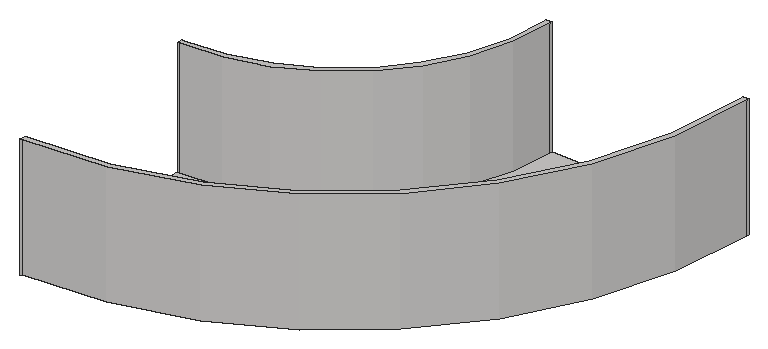
Revit family "S4R_OBO BETTERMANN_CableTray_Bend_Horizontal_RBM FT", category Cable Tray Fittings, Revit 2012
Parameters
  Wholesaler art.no. = ""
  Wholesaler = ""
  Watermarked By = "www.stabiplan.com"
  WIDTH2 [instance] = WIDTH1  # 100 mm
  WIDTH1 [instance] = 100 mm
  VERSION = "91900"  # constant formula
  URL = "www.stabiplan.com"
  built-in parameter 1140111 [instance] = 2.6 mm
  TYPE [instance] = "RBM FT"  # constant formula
  StabiCAD_PM = ""
  Safe_Half_Width2 [instance] = if(not([built-in parameter 1140115] > Half_Width2), [built-in parameter 1140115] - 0.2 mm, Half_Width2)  # 50 mm
  Safe_Half_Width1 [instance] = if(not([built-in parameter 1140115] > Half_Width1), [built-in parameter 1140115] - 0.2 mm, Half_Width1)  # 50 mm
  Manufacturer = "OBO BETTERMANN"  # constant formula
  Lmin [instance] = if(LENGTH1 > LENGTH2, LENGTH2, LENGTH1) - 1 mm  # 149 mm
  PRODUCTLINE [instance] = "OBO BETTERMANN CableTrays"  # constant formula
  LENGTH2 [instance] = if(and(WIDTH1 = 100 mm, HEIGHT1 = 60 mm, ANGLE2 = 45.00°), 140 mm, if(and(WIDTH1 = 150 mm, HEIGHT1 = 60 mm, ANGLE2 = 45.00°), 140 mm, if(and(WIDTH1 = 200 mm, HEIGHT1 = 60 mm, ANGLE2 = 45.00°), 140 mm, if(and(WIDTH1 = 300 mm, HEIGHT1 = 60 mm, ANGLE2 = 45.00°), 140 mm, if(and(WIDTH1 = 400 mm, HEIGHT1 = 60 mm, ANGLE2 = 45.00°), 140 mm, if(and(WIDTH1 = 500 mm, HEIGHT1 = 60 mm, ANGLE2 = 45.00°), 140 mm, if(and(WIDTH1 = 600 mm, HEIGHT1 = 60 mm, ANGLE2 = 45.00°), 140 mm, if(and(WIDTH1 = 100 mm, HEIGHT1 = 110 mm, ANGLE2 = 45.00°), 140 mm, if(and(WIDTH1 = 150 mm, HEIGHT1 = 110 mm, ANGLE2 = 45.00°), 140 mm, if(and(WIDTH1 = 200 mm, HEIGHT1 = 110 mm, ANGLE2 = 45.00°), 140 mm, if(and(WIDTH1 = 300 mm, HEIGHT1 = 110 mm, ANGLE2 = 45.00°), 140 mm, if(and(WIDTH1 = 400 mm, HEIGHT1 = 110 mm, ANGLE2 = 45.00°), 140 mm, if(and(WIDTH1 = 500 mm, HEIGHT1 = 110 mm, ANGLE2 = 45.00°), 140 mm, if(and(WIDTH1 = 600 mm, HEIGHT1 = 110 mm, ANGLE2 = 45.00°), 140 mm, if(and(WIDTH1 = 100 mm, HEIGHT1 = 60 mm, ANGLE2 = 90.00°), 150 mm, if(and(WIDTH1 = 150 mm, HEIGHT1 = 60 mm, ANGLE2 = 90.00°), 175 mm, if(and(WIDTH1 = 200 mm, HEIGHT1 = 60 mm, ANGLE2 = 90.00°), 200 mm, if(and(WIDTH1 = 300 mm, HEIGHT1 = 60 mm, ANGLE2 = 90.00°), 250 mm, if(and(WIDTH1 = 400 mm, HEIGHT1 = 60 mm, ANGLE2 = 90.00°), 300 mm, if(and(WIDTH1 = 500 mm, HEIGHT1 = 60 mm, ANGLE2 = 90.00°), 350 mm, if(and(WIDTH1 = 600 mm, HEIGHT1 = 60 mm, ANGLE2 = 90.00°), 400 mm, if(and(WIDTH1 = 100 mm, HEIGHT1 = 85 mm, ANGLE2 = 90.00°), 150 mm, if(and(WIDTH1 = 150 mm, HEIGHT1 = 85 mm, ANGLE2 = 90.00°), 175 mm, if(and(WIDTH1 = 200 mm, HEIGHT1 = 85 mm, ANGLE2 = 90.00°), 200 mm, if(and(WIDTH1 = 300 mm, HEIGHT1 = 85 mm, ANGLE2 = 90.00°), 250 mm, if(and(WIDTH1 = 400 mm, HEIGHT1 = 85 mm, ANGLE2 = 90.00°), 300 mm, if(and(WIDTH1 = 500 mm, HEIGHT1 = 85 mm, ANGLE2 = 90.00°), 350 mm, if(and(WIDTH1 = 600 mm, HEIGHT1 = 85 mm, ANGLE2 = 90.00°), 400 mm, if(and(WIDTH1 = 100 mm, HEIGHT1 = 110 mm, ANGLE2 = 90.00°), 150 mm, if(and(WIDTH1 = 150 mm, HEIGHT1 = 110 mm, ANGLE2 = 90.00°), 175 mm, if(and(WIDTH1 = 200 mm, HEIGHT1 = 110 mm, ANGLE2 = 90.00°), 200 mm, if(and(WIDTH1 = 300 mm, HEIGHT1 = 110 mm, ANGLE2 = 90.00°), 250 mm, if(and(WIDTH1 = 400 mm, HEIGHT1 = 110 mm, ANGLE2 = 90.00°), 300 mm, if(and(WIDTH1 = 500 mm, HEIGHT1 = 110 mm, ANGLE2 = 90.00°), 350 mm, if(and(WIDTH1 = 600 mm, HEIGHT1 = 110 mm, ANGLE2 = 90.00°), 400 mm, if(and(WIDTH1 = 100 mm, HEIGHT1 = 85 mm, ANGLE2 = 45.00°), 140 mm, if(and(WIDTH1 = 150 mm, HEIGHT1 = 85 mm, ANGLE2 = 45.00°), 140 mm, if(and(WIDTH1 = 200 mm, HEIGHT1 = 85 mm, ANGLE2 = 45.00°), 140 mm, if(and(WIDTH1 = 300 mm, HEIGHT1 = 85 mm, ANGLE2 = 45.00°), 140 mm, if(and(WIDTH1 = 400 mm, HEIGHT1 = 85 mm, ANGLE2 = 45.00°), 140 mm, if(and(WIDTH1 = 500 mm, HEIGHT1 = 85 mm, ANGLE2 = 45.00°), 140 mm, if(and(WIDTH1 = 600 mm, HEIGHT1 = 85 mm, ANGLE2 = 45.00°), 140 mm, WIDTH1 * 2))))))))))))))))))))))))))))))))))))))))))  # 150 mm
  LENGTH1 [instance] = if(and(WIDTH1 = 100 mm, HEIGHT1 = 60 mm, ANGLE2 = 45.00°), 140 mm, if(and(WIDTH1 = 150 mm, HEIGHT1 = 60 mm, ANGLE2 = 45.00°), 140 mm, if(and(WIDTH1 = 200 mm, HEIGHT1 = 60 mm, ANGLE2 = 45.00°), 140 mm, if(and(WIDTH1 = 300 mm, HEIGHT1 = 60 mm, ANGLE2 = 45.00°), 140 mm, if(and(WIDTH1 = 400 mm, HEIGHT1 = 60 mm, ANGLE2 = 45.00°), 140 mm, if(and(WIDTH1 = 500 mm, HEIGHT1 = 60 mm, ANGLE2 = 45.00°), 140 mm, if(and(WIDTH1 = 600 mm, HEIGHT1 = 60 mm, ANGLE2 = 45.00°), 140 mm, if(and(WIDTH1 = 100 mm, HEIGHT1 = 110 mm, ANGLE2 = 45.00°), 140 mm, if(and(WIDTH1 = 150 mm, HEIGHT1 = 110 mm, ANGLE2 = 45.00°), 140 mm, if(and(WIDTH1 = 200 mm, HEIGHT1 = 110 mm, ANGLE2 = 45.00°), 140 mm, if(and(WIDTH1 = 300 mm, HEIGHT1 = 110 mm, ANGLE2 = 45.00°), 140 mm, if(and(WIDTH1 = 400 mm, HEIGHT1 = 110 mm, ANGLE2 = 45.00°), 140 mm, if(and(WIDTH1 = 500 mm, HEIGHT1 = 110 mm, ANGLE2 = 45.00°), 140 mm, if(and(WIDTH1 = 600 mm, HEIGHT1 = 110 mm, ANGLE2 = 45.00°), 140 mm, if(and(WIDTH1 = 100 mm, HEIGHT1 = 60 mm, ANGLE2 = 90.00°), 150 mm, if(and(WIDTH1 = 150 mm, HEIGHT1 = 60 mm, ANGLE2 = 90.00°), 175 mm, if(and(WIDTH1 = 200 mm, HEIGHT1 = 60 mm, ANGLE2 = 90.00°), 200 mm, if(and(WIDTH1 = 300 mm, HEIGHT1 = 60 mm, ANGLE2 = 90.00°), 250 mm, if(and(WIDTH1 = 400 mm, HEIGHT1 = 60 mm, ANGLE2 = 90.00°), 300 mm, if(and(WIDTH1 = 500 mm, HEIGHT1 = 60 mm, ANGLE2 = 90.00°), 350 mm, if(and(WIDTH1 = 600 mm, HEIGHT1 = 60 mm, ANGLE2 = 90.00°), 400 mm, if(and(WIDTH1 = 100 mm, HEIGHT1 = 85 mm, ANGLE2 = 90.00°), 150 mm, if(and(WIDTH1 = 150 mm, HEIGHT1 = 85 mm, ANGLE2 = 90.00°), 175 mm, if(and(WIDTH1 = 200 mm, HEIGHT1 = 85 mm, ANGLE2 = 90.00°), 200 mm, if(and(WIDTH1 = 300 mm, HEIGHT1 = 85 mm, ANGLE2 = 90.00°), 250 mm, if(and(WIDTH1 = 400 mm, HEIGHT1 = 85 mm, ANGLE2 = 90.00°), 300 mm, if(and(WIDTH1 = 500 mm, HEIGHT1 = 85 mm, ANGLE2 = 90.00°), 350 mm, if(and(WIDTH1 = 600 mm, HEIGHT1 = 85 mm, ANGLE2 = 90.00°), 400 mm, if(and(WIDTH1 = 100 mm, HEIGHT1 = 110 mm, ANGLE2 = 90.00°), 150 mm, if(and(WIDTH1 = 150 mm, HEIGHT1 = 110 mm, ANGLE2 = 90.00°), 175 mm, if(and(WIDTH1 = 200 mm, HEIGHT1 = 110 mm, ANGLE2 = 90.00°), 200 mm, if(and(WIDTH1 = 300 mm, HEIGHT1 = 110 mm, ANGLE2 = 90.00°), 250 mm, if(and(WIDTH1 = 400 mm, HEIGHT1 = 110 mm, ANGLE2 = 90.00°), 300 mm, if(and(WIDTH1 = 500 mm, HEIGHT1 = 110 mm, ANGLE2 = 90.00°), 350 mm, if(and(WIDTH1 = 600 mm, HEIGHT1 = 110 mm, ANGLE2 = 90.00°), 400 mm, if(and(WIDTH1 = 100 mm, HEIGHT1 = 85 mm, ANGLE2 = 45.00°), 140 mm, if(and(WIDTH1 = 150 mm, HEIGHT1 = 85 mm, ANGLE2 = 45.00°), 140 mm, if(and(WIDTH1 = 200 mm, HEIGHT1 = 85 mm, ANGLE2 = 45.00°), 140 mm, if(and(WIDTH1 = 300 mm, HEIGHT1 = 85 mm, ANGLE2 = 45.00°), 140 mm, if(and(WIDTH1 = 400 mm, HEIGHT1 = 85 mm, ANGLE2 = 45.00°), 140 mm, if(and(WIDTH1 = 500 mm, HEIGHT1 = 85 mm, ANGLE2 = 45.00°), 140 mm, if(and(WIDTH1 = 600 mm, HEIGHT1 = 85 mm, ANGLE2 = 45.00°), 140 mm, WIDTH1 * 2))))))))))))))))))))))))))))))))))))))))))  # 150 mm
  L2_Tail [instance] = LENGTH2 - Lmin  # 1 mm
  L1_Tail [instance] = LENGTH1 - Lmin  # 1 mm
  Internal art.no. = ""
  ISCUSTOM [instance] = if(and(WIDTH1 = 100 mm, HEIGHT1 = 60 mm, ANGLE2 = 45.00°), 1 = 0, if(and(WIDTH1 = 150 mm, HEIGHT1 = 60 mm, ANGLE2 = 45.00°), 1 = 0, if(and(WIDTH1 = 200 mm, HEIGHT1 = 60 mm, ANGLE2 = 45.00°), 1 = 0, if(and(WIDTH1 = 300 mm, HEIGHT1 = 60 mm, ANGLE2 = 45.00°), 1 = 0, if(and(WIDTH1 = 400 mm, HEIGHT1 = 60 mm, ANGLE2 = 45.00°), 1 = 0, if(and(WIDTH1 = 500 mm, HEIGHT1 = 60 mm, ANGLE2 = 45.00°), 1 = 0, if(and(WIDTH1 = 600 mm, HEIGHT1 = 60 mm, ANGLE2 = 45.00°), 1 = 0, if(and(WIDTH1 = 100 mm, HEIGHT1 = 110 mm, ANGLE2 = 45.00°), 1 = 0, if(and(WIDTH1 = 150 mm, HEIGHT1 = 110 mm, ANGLE2 = 45.00°), 1 = 0, if(and(WIDTH1 = 200 mm, HEIGHT1 = 110 mm, ANGLE2 = 45.00°), 1 = 0, if(and(WIDTH1 = 300 mm, HEIGHT1 = 110 mm, ANGLE2 = 45.00°), 1 = 0, if(and(WIDTH1 = 400 mm, HEIGHT1 = 110 mm, ANGLE2 = 45.00°), 1 = 0, if(and(WIDTH1 = 500 mm, HEIGHT1 = 110 mm, ANGLE2 = 45.00°), 1 = 0, if(and(WIDTH1 = 600 mm, HEIGHT1 = 110 mm, ANGLE2 = 45.00°), 1 = 0, if(and(WIDTH1 = 100 mm, HEIGHT1 = 60 mm, ANGLE2 = 90.00°), 1 = 0, if(and(WIDTH1 = 150 mm, HEIGHT1 = 60 mm, ANGLE2 = 90.00°), 1 = 0, if(and(WIDTH1 = 200 mm, HEIGHT1 = 60 mm, ANGLE2 = 90.00°), 1 = 0, if(and(WIDTH1 = 300 mm, HEIGHT1 = 60 mm, ANGLE2 = 90.00°), 1 = 0, if(and(WIDTH1 = 400 mm, HEIGHT1 = 60 mm, ANGLE2 = 90.00°), 1 = 0, if(and(WIDTH1 = 500 mm, HEIGHT1 = 60 mm, ANGLE2 = 90.00°), 1 = 0, if(and(WIDTH1 = 600 mm, HEIGHT1 = 60 mm, ANGLE2 = 90.00°), 1 = 0, if(and(WIDTH1 = 100 mm, HEIGHT1 = 85 mm, ANGLE2 = 90.00°), 1 = 0, if(and(WIDTH1 = 150 mm, HEIGHT1 = 85 mm, ANGLE2 = 90.00°), 1 = 0, if(and(WIDTH1 = 200 mm, HEIGHT1 = 85 mm, ANGLE2 = 90.00°), 1 = 0, if(and(WIDTH1 = 300 mm, HEIGHT1 = 85 mm, ANGLE2 = 90.00°), 1 = 0, if(and(WIDTH1 = 400 mm, HEIGHT1 = 85 mm, ANGLE2 = 90.00°), 1 = 0, if(and(WIDTH1 = 500 mm, HEIGHT1 = 85 mm, ANGLE2 = 90.00°), 1 = 0, if(and(WIDTH1 = 600 mm, HEIGHT1 = 85 mm, ANGLE2 = 90.00°), 1 = 0, if(and(WIDTH1 = 100 mm, HEIGHT1 = 110 mm, ANGLE2 = 90.00°), 1 = 0, if(and(WIDTH1 = 150 mm, HEIGHT1 = 110 mm, ANGLE2 = 90.00°), 1 = 0, if(and(WIDTH1 = 200 mm, HEIGHT1 = 110 mm, ANGLE2 = 90.00°), 1 = 0, if(and(WIDTH1 = 300 mm, HEIGHT1 = 110 mm, ANGLE2 = 90.00°), 1 = 0, if(and(WIDTH1 = 400 mm, HEIGHT1 = 110 mm, ANGLE2 = 90.00°), 1 = 0, if(and(WIDTH1 = 500 mm, HEIGHT1 = 110 mm, ANGLE2 = 90.00°), 1 = 0, if(and(WIDTH1 = 600 mm, HEIGHT1 = 110 mm, ANGLE2 = 90.00°), 1 = 0, if(and(WIDTH1 = 100 mm, HEIGHT1 = 85 mm, ANGLE2 = 45.00°), 1 = 0, if(and(WIDTH1 = 150 mm, HEIGHT1 = 85 mm, ANGLE2 = 45.00°), 1 = 0, if(and(WIDTH1 = 200 mm, HEIGHT1 = 85 mm, ANGLE2 = 45.00°), 1 = 0, if(and(WIDTH1 = 300 mm, HEIGHT1 = 85 mm, ANGLE2 = 45.00°), 1 = 0, if(and(WIDTH1 = 400 mm, HEIGHT1 = 85 mm, ANGLE2 = 45.00°), 1 = 0, if(and(WIDTH1 = 500 mm, HEIGHT1 = 85 mm, ANGLE2 = 45.00°), 1 = 0, if(and(WIDTH1 = 600 mm, HEIGHT1 = 85 mm, ANGLE2 = 45.00°), 1 = 0, 1 = 1))))))))))))))))))))))))))))))))))))))))))  # no
  IFCExportType = ""
  IFCExportAs = ""
  Half_Width2 [instance] = WIDTH2 / 2  # 50 mm
  Half_Width1 [instance] = WIDTH1 / 2  # 50 mm
  HEIGHT2 [instance] = HEIGHT1  # 60 mm
  HEIGHT1 [instance] = 60 mm
  GTINNUMBER [instance] = if(and(WIDTH1 = 100 mm, HEIGHT1 = 60 mm, ANGLE2 = 45.00°), "4012195881605", if(and(WIDTH1 = 150 mm, HEIGHT1 = 60 mm, ANGLE2 = 45.00°), "4012195881612", if(and(WIDTH1 = 200 mm, HEIGHT1 = 60 mm, ANGLE2 = 45.00°), "4012195881629", if(and(WIDTH1 = 300 mm, HEIGHT1 = 60 mm, ANGLE2 = 45.00°), "4012195881636", if(and(WIDTH1 = 400 mm, HEIGHT1 = 60 mm, ANGLE2 = 45.00°), "4012195881643", if(and(WIDTH1 = 500 mm, HEIGHT1 = 60 mm, ANGLE2 = 45.00°), "4012195881650", if(and(WIDTH1 = 600 mm, HEIGHT1 = 60 mm, ANGLE2 = 45.00°), "4012195881667", if(and(WIDTH1 = 100 mm, HEIGHT1 = 110 mm, ANGLE2 = 45.00°), "4012195880264", if(and(WIDTH1 = 150 mm, HEIGHT1 = 110 mm, ANGLE2 = 45.00°), "4012195895978", if(and(WIDTH1 = 200 mm, HEIGHT1 = 110 mm, ANGLE2 = 45.00°), "4012195880295", if(and(WIDTH1 = 300 mm, HEIGHT1 = 110 mm, ANGLE2 = 45.00°), "4012195880301", if(and(WIDTH1 = 400 mm, HEIGHT1 = 110 mm, ANGLE2 = 45.00°), "4012195880318", if(and(WIDTH1 = 500 mm, HEIGHT1 = 110 mm, ANGLE2 = 45.00°), "4012195880325", if(and(WIDTH1 = 600 mm, HEIGHT1 = 110 mm, ANGLE2 = 45.00°), "4012195880356", if(and(WIDTH1 = 100 mm, HEIGHT1 = 60 mm, ANGLE2 = 90.00°), "4012195881889", if(and(WIDTH1 = 150 mm, HEIGHT1 = 60 mm, ANGLE2 = 90.00°), "4012195881896", if(and(WIDTH1 = 200 mm, HEIGHT1 = 60 mm, ANGLE2 = 90.00°), "4012195881902", if(and(WIDTH1 = 300 mm, HEIGHT1 = 60 mm, ANGLE2 = 90.00°), "4012195881919", if(and(WIDTH1 = 400 mm, HEIGHT1 = 60 mm, ANGLE2 = 90.00°), "4012195881926", if(and(WIDTH1 = 500 mm, HEIGHT1 = 60 mm, ANGLE2 = 90.00°), "4012195881933", if(and(WIDTH1 = 600 mm, HEIGHT1 = 60 mm, ANGLE2 = 90.00°), "4012195881940", if(and(WIDTH1 = 100 mm, HEIGHT1 = 85 mm, ANGLE2 = 90.00°), "4012195879978", if(and(WIDTH1 = 150 mm, HEIGHT1 = 85 mm, ANGLE2 = 90.00°), "4012195895831", if(and(WIDTH1 = 200 mm, HEIGHT1 = 85 mm, ANGLE2 = 90.00°), "4012195879985", if(and(WIDTH1 = 300 mm, HEIGHT1 = 85 mm, ANGLE2 = 90.00°), "4012195879992", if(and(WIDTH1 = 400 mm, HEIGHT1 = 85 mm, ANGLE2 = 90.00°), "4012195880004", if(and(WIDTH1 = 500 mm, HEIGHT1 = 85 mm, ANGLE2 = 90.00°), "4012195880011", if(and(WIDTH1 = 600 mm, HEIGHT1 = 85 mm, ANGLE2 = 90.00°), "4012195880028", if(and(WIDTH1 = 100 mm, HEIGHT1 = 110 mm, ANGLE2 = 90.00°), "4012195880608", if(and(WIDTH1 = 150 mm, HEIGHT1 = 110 mm, ANGLE2 = 90.00°), "4012195896036", if(and(WIDTH1 = 200 mm, HEIGHT1 = 110 mm, ANGLE2 = 90.00°), "4012195880738", if(and(WIDTH1 = 300 mm, HEIGHT1 = 110 mm, ANGLE2 = 90.00°), "4012195880745", if(and(WIDTH1 = 400 mm, HEIGHT1 = 110 mm, ANGLE2 = 90.00°), "4012195880752", if(and(WIDTH1 = 500 mm, HEIGHT1 = 110 mm, ANGLE2 = 90.00°), "4012195880769", if(and(WIDTH1 = 600 mm, HEIGHT1 = 110 mm, ANGLE2 = 90.00°), "4012195880776", if(and(WIDTH1 = 100 mm, HEIGHT1 = 85 mm, ANGLE2 = 45.00°), "4012195879657", if(and(WIDTH1 = 150 mm, HEIGHT1 = 85 mm, ANGLE2 = 45.00°), "4012195895770", if(and(WIDTH1 = 200 mm, HEIGHT1 = 85 mm, ANGLE2 = 45.00°), "4012195879664", if(and(WIDTH1 = 300 mm, HEIGHT1 = 85 mm, ANGLE2 = 45.00°), "4012195879701", if(and(WIDTH1 = 400 mm, HEIGHT1 = 85 mm, ANGLE2 = 45.00°), "4012195879718", if(and(WIDTH1 = 500 mm, HEIGHT1 = 85 mm, ANGLE2 = 45.00°), "4012195879725", if(and(WIDTH1 = 600 mm, HEIGHT1 = 85 mm, ANGLE2 = 45.00°), "4012195879756", "Unknown"))))))))))))))))))))))))))))))))))))))))))  # "4012195881889"
  ETIM article class = ""
  Description = "Horizontal CableTray Bend"
  DEEPLINK = "http://catalog1.obo-bettermann.com/catalogue/catalogue.do?forward=showProductGroup&act=showIO&favOid=kts_399323&action=showManyProducts&lang=de&OID=kts_399323&catId="
  Copyright = "© Stabiplan BV / Stabiplan International BV"  # constant formula
  CT2 [instance] = 1
  CT1 [instance] = 1
  BodyColor = Steel
  built-in parameter 1140115 [instance] = Lmin / tan(ANGLE2 / 2)  # 149 mm
  ARTICLENUMBER [instance] = if(and(WIDTH1 = 100 mm, HEIGHT1 = 60 mm, ANGLE2 = 45.00°), "6041060", if(and(WIDTH1 = 150 mm, HEIGHT1 = 60 mm, ANGLE2 = 45.00°), "6041062", if(and(WIDTH1 = 200 mm, HEIGHT1 = 60 mm, ANGLE2 = 45.00°), "6041064", if(and(WIDTH1 = 300 mm, HEIGHT1 = 60 mm, ANGLE2 = 45.00°), "6041066", if(and(WIDTH1 = 400 mm, HEIGHT1 = 60 mm, ANGLE2 = 45.00°), "6041068", if(and(WIDTH1 = 500 mm, HEIGHT1 = 60 mm, ANGLE2 = 45.00°), "6041070", if(and(WIDTH1 = 600 mm, HEIGHT1 = 60 mm, ANGLE2 = 45.00°), "6041072", if(and(WIDTH1 = 100 mm, HEIGHT1 = 110 mm, ANGLE2 = 45.00°), "6041780", if(and(WIDTH1 = 150 mm, HEIGHT1 = 110 mm, ANGLE2 = 45.00°), "6041781", if(and(WIDTH1 = 200 mm, HEIGHT1 = 110 mm, ANGLE2 = 45.00°), "6041782", if(and(WIDTH1 = 300 mm, HEIGHT1 = 110 mm, ANGLE2 = 45.00°), "6041784", if(and(WIDTH1 = 400 mm, HEIGHT1 = 110 mm, ANGLE2 = 45.00°), "6041786", if(and(WIDTH1 = 500 mm, HEIGHT1 = 110 mm, ANGLE2 = 45.00°), "6041788", if(and(WIDTH1 = 600 mm, HEIGHT1 = 110 mm, ANGLE2 = 45.00°), "6041790", if(and(WIDTH1 = 100 mm, HEIGHT1 = 60 mm, ANGLE2 = 90.00°), "6041150", if(and(WIDTH1 = 150 mm, HEIGHT1 = 60 mm, ANGLE2 = 90.00°), "6041152", if(and(WIDTH1 = 200 mm, HEIGHT1 = 60 mm, ANGLE2 = 90.00°), "6041154", if(and(WIDTH1 = 300 mm, HEIGHT1 = 60 mm, ANGLE2 = 90.00°), "6041156", if(and(WIDTH1 = 400 mm, HEIGHT1 = 60 mm, ANGLE2 = 90.00°), "6041158", if(and(WIDTH1 = 500 mm, HEIGHT1 = 60 mm, ANGLE2 = 90.00°), "6041160", if(and(WIDTH1 = 600 mm, HEIGHT1 = 60 mm, ANGLE2 = 90.00°), "6041162", if(and(WIDTH1 = 100 mm, HEIGHT1 = 85 mm, ANGLE2 = 90.00°), "6041510", if(and(WIDTH1 = 150 mm, HEIGHT1 = 85 mm, ANGLE2 = 90.00°), "6041511", if(and(WIDTH1 = 200 mm, HEIGHT1 = 85 mm, ANGLE2 = 90.00°), "6041512", if(and(WIDTH1 = 300 mm, HEIGHT1 = 85 mm, ANGLE2 = 90.00°), "6041514", if(and(WIDTH1 = 400 mm, HEIGHT1 = 85 mm, ANGLE2 = 90.00°), "6041516", if(and(WIDTH1 = 500 mm, HEIGHT1 = 85 mm, ANGLE2 = 90.00°), "6041518", if(and(WIDTH1 = 600 mm, HEIGHT1 = 85 mm, ANGLE2 = 90.00°), "6041520", if(and(WIDTH1 = 100 mm, HEIGHT1 = 110 mm, ANGLE2 = 90.00°), "6041860", if(and(WIDTH1 = 150 mm, HEIGHT1 = 110 mm, ANGLE2 = 90.00°), "6041861", if(and(WIDTH1 = 200 mm, HEIGHT1 = 110 mm, ANGLE2 = 90.00°), "6041862", if(and(WIDTH1 = 300 mm, HEIGHT1 = 110 mm, ANGLE2 = 90.00°), "6041864", if(and(WIDTH1 = 400 mm, HEIGHT1 = 110 mm, ANGLE2 = 90.00°), "6041866", if(and(WIDTH1 = 500 mm, HEIGHT1 = 110 mm, ANGLE2 = 90.00°), "6041868", if(and(WIDTH1 = 600 mm, HEIGHT1 = 110 mm, ANGLE2 = 90.00°), "6041870", if(and(WIDTH1 = 100 mm, HEIGHT1 = 85 mm, ANGLE2 = 45.00°), "6041430", if(and(WIDTH1 = 150 mm, HEIGHT1 = 85 mm, ANGLE2 = 45.00°), "6041431", if(and(WIDTH1 = 200 mm, HEIGHT1 = 85 mm, ANGLE2 = 45.00°), "6041432", if(and(WIDTH1 = 300 mm, HEIGHT1 = 85 mm, ANGLE2 = 45.00°), "6041434", if(and(WIDTH1 = 400 mm, HEIGHT1 = 85 mm, ANGLE2 = 45.00°), "6041436", if(and(WIDTH1 = 500 mm, HEIGHT1 = 85 mm, ANGLE2 = 45.00°), "6041438", if(and(WIDTH1 = 600 mm, HEIGHT1 = 85 mm, ANGLE2 = 45.00°), "6041440", "Unknown"))))))))))))))))))))))))))))))))))))))))))  # "6041150"
  ARTICLEDESCRIPTION [instance] = "Horizontal CableTray Bend"
  ANGLE2 [instance] = 90.00°
Reference planes
  plane 1 "Center (Front/Back)": y = 0
  plane 2: z = 0
  plane 3 "Center (Left/Right)": x = 0
  plane 4: y = 149
  plane 5: x = -149
Forms (mm)
  Sweep 1, solid, material "Steel" <- "BodyColor", detail levels medium
    path in 3D
      loop
        line (-149, 0, 0) -> (-150, 0, 0)
    profile origin (-149.5, 0, 0) x (0, -1, 0) y (0, 0, 1)
      loop
        line (-50, 30) -> (-50, -30) -> (50, -30) -> (50, 30) -> (-50, 30)
  Sweep 2, solid, material "Steel" <- "BodyColor", detail levels medium
    path in 3D
      loop
        line (0, 149, 0) -> (0, 150, 0)
    profile origin (0, 149.5, 0) x (-1, 0, 0) y (0, 0, 1)
      loop
        line (50, -30) -> (50, 30) -> (-50, 30) -> (-50, -30) -> (50, -30)
  SweptBlend 3, solid, material "Steel" <- "BodyColor", detail levels medium
    path in 3D
      loop
        arc (-149, 0, 0) -> (-43.641, 43.641, 0) -> (0, 149, 0) r 149
    profile origin (-149, 0, 0) x (0, 1, 0) y (0, 0, 1)
      loop
        line (50, 30) -> (-50, 30) -> (-50, -30) -> (50, -30) -> (50, 30)
    end profile origin (0, 149, 0) x (-1, 0, 0) y (0, 0, 1)
      loop
        line (50, 30) -> (-50, 30) -> (-50, -30) -> (50, -30) -> (50, 30)
  Sweep 4, solid, material "Steel" <- "BodyColor", detail levels fine
    path in 3D
      loop
        line (-149, 0, 0) -> (-150, 0, 0)
    profile origin (-149.5, 0, 0) x (0, -1, 0) y (0, 0, 1)
      loop
        line (-50, 30) -> (-50, -30) -> (50, -30) -> (50, 30) -> (47.4, 30) -> (47.4, -27.4) -> (-47.4, -27.4) -> (-47.4, 30) -> (-50, 30)
  Sweep 5, solid, material "Steel" <- "BodyColor", detail levels fine
    path in 3D
      loop
        line (0, 149, 0) -> (0, 150, 0)
    profile origin (0, 149.5, 0) x (-1, 0, 0) y (0, 0, 1)
      loop
        line (-50, 30) -> (-50, -30) -> (50, -30) -> (50, 30) -> (47.4, 30) -> (47.4, -27.4) -> (-47.4, -27.4) -> (-47.4, 30) -> (-50, 30)
  SweptBlend 6, solid, material "Steel" <- "BodyColor", detail levels fine
    path in 3D
      loop
        arc (-149, 0, 0) -> (-43.641, 43.641, 0) -> (0, 149, 0) r 149
    profile origin (-149, 0, 0) x (0, 1, 0) y (0, 0, 1)
      loop
        line (50, 30) -> (47.4, 30) -> (47.4, -27.4) -> (-47.4, -27.4) -> (-47.4, 30) -> (-50, 30) -> (-50, -30) -> (50, -30) -> (50, 30)
    end profile origin (0, 149, 0) x (-1, 0, 0) y (0, 0, 1)
      loop
        line (50, 30) -> (47.4, 30) -> (47.4, -27.4) -> (-47.4, -27.4) -> (-47.4, 30) -> (-50, 30) -> (-50, -30) -> (50, -30) -> (50, 30)
Cuts and joins
  joined: Sweep 4, Sweep 5, SweptBlend 6
  joined: Sweep 1, Sweep 2, SweptBlend 3
Lines and regions (mm)
  reference lines
    curve 1: line (-149, 149, 0) -> (-149, 0, 0)
    curve 2: line (-149, 0, 0) -> (0, 0, 0)
    curve 3: line (0, 0, 0) -> (0, 149, 0)
    curve 4: line (0, 149, 0) -> (-149, 149, 0)
    curve 5: arc (-149, 0, 0) -> (-43.641, 43.641, 0) -> (0, 149, 0) r 149
    curve 6: line (-149, 0, 0) -> (-150, 0, 0)
    curve 7: line (0, 149, 0) -> (0, 150, 0)
  model lines, detail levels coarse
    curve 8: line (-399, 0, 0) -> (-400, 0, 0)
    curve 9: line (-49, 399, 0) -> (-49, 400, 0)
  sketch lines
    curve 10: line (-149, 0, 0) -> (-150, 0, 0)
    curve 11: line (0, 149, 0) -> (0, 150, 0)
    curve 12: arc (-149, 0, 0) -> (-43.641, 43.641, 0) -> (0, 149, 0) r 149
    curve 13: line (-149, 0, 0) -> (-150, 0, 0)
    curve 14: line (0, 149, 0) -> (0, 150, 0)
    curve 15: arc (-149, 0, 0) -> (-43.641, 43.641, 0) -> (0, 149, 0) r 149
  model lines, style "Coarse", detail levels coarse
    curve 16: line (-149, 0, 0) -> (-150, 0, 0)
    curve 17: arc (-149, 0, 0) -> (-43.641, 43.641, 0) -> (0, 149, 0) r 149
    curve 18: line (0, 149, 0) -> (0, 150, 0)
Dimensions and locks
  "Lmin": plane 5 to plane 3 "Center (Left/Right)"
  "built-in parameter 1140115": plane 4 to plane 1 "Center (Front/Back)"
  "built-in parameter 1140115": curve 4 to curve 4
  "built-in parameter 1140115": plane 1 "Center (Front/Back)" to curve 1
  "L1_Tail": curve 6 to curve 6
  "L2_Tail": curve 7 to curve 7
  equal spacing: Sweep 1 sketch curve, profile plane, Sweep 1 sketch curve  (x2)
  "WIDTH1": Sweep 1 sketch curve to Sweep 1 sketch curve
  "HEIGHT1": Sweep 1 sketch curve to Sweep 1 sketch curve
  equal spacing: Sweep 2 sketch curve, profile plane, Sweep 2 sketch curve  (x2)
  "WIDTH2": Sweep 2 sketch curve to Sweep 2 sketch curve
  "HEIGHT2": Sweep 2 sketch curve to Sweep 2 sketch curve
  equal spacing: SweptBlend 3 sketch curve, profile plane, SweptBlend 3 sketch curve  (x2)
  "HEIGHT1": SweptBlend 3 sketch curve to SweptBlend 3 sketch curve
  "HEIGHT2": SweptBlend 3 sketch curve to SweptBlend 3 sketch curve
  equal spacing: Sweep 4 sketch curve, profile plane, Sweep 4 sketch curve  (x3)
  "HEIGHT1": Sweep 4 sketch curve to Sweep 4 sketch curve
  "WIDTH1": Sweep 4 sketch curve to Sweep 4 sketch curve
  "built-in parameter 1140111": Sweep 4 sketch curve to Sweep 1  (x2)
  "built-in parameter 1140111": Sweep 1 to Sweep 4 sketch curve
  equal spacing: Sweep 5 sketch curve, profile plane, Sweep 5 sketch curve  (x3)
  "HEIGHT2": Sweep 5 sketch curve to Sweep 5 sketch curve
  "WIDTH2": Sweep 5 sketch curve to Sweep 5 sketch curve
  "built-in parameter 1140111": Sweep 5 sketch curve to Sweep 5 sketch curve  (x3)
  "built-in parameter 1140111": SweptBlend 6 sketch curve to SweptBlend 6 sketch curve  (x6)
  equal spacing: SweptBlend 6 sketch curve, profile plane, SweptBlend 6 sketch curve  (x4)
  "HEIGHT1": SweptBlend 6 sketch curve to SweptBlend 6 sketch curve
  "HEIGHT2": SweptBlend 6 sketch curve to SweptBlend 6 sketch curve
  "Safe_Half_Width1": profile plane to SweptBlend 6 sketch curve
  "Half_Width1": SweptBlend 6 sketch curve to profile plane
  "Safe_Half_Width2": SweptBlend 6 sketch curve to profile plane
  "Half_Width2": profile plane to SweptBlend 6 sketch curve
  "Safe_Half_Width1": profile plane to SweptBlend 3 sketch curve
  "Half_Width1": SweptBlend 3 sketch curve to profile plane
  "Safe_Half_Width2": SweptBlend 3 sketch curve to profile plane
  "Half_Width2": profile plane to SweptBlend 3 sketch curve
  "built-in parameter 1140115": radius of curve 5
  "ANGLE2": angle plane 5 to curve 4
  locked: curve 7 to curve 4 (angle 90.00°)
  "ANGLE2": angle plane 1 "Center (Front/Back)" to curve 18
  aligned and locked: level to plane 2
  aligned and locked: plane 1 "Center (Front/Back)" to curve 2  (x2)
  aligned and locked: plane 3 "Center (Left/Right)" to curve 2
  aligned and locked: curve 1 to plane 5
  aligned and locked: curve 17 to curve 5
  aligned and locked: SweptBlend 3 to curve 18
  aligned and locked: Sweep 2 to curve 18
Automatic sketch dimensions
  plane 1 "Center (Front/Back)" to curve 8 = 0 mm
  curve 8 to curve 16 = 249 mm
  curve 8 to curve 8 = 1 mm
  curve 9 to plane 3 "Center (Left/Right)" = 49 mm
  plane 4 to curve 9 = 250 mm
  curve 9 to curve 9 = 1 mm
  curve 16 to plane 5 = 1 mm
Connectors
  cabletrayconduit at (-150, 0, 0), driven by "HEIGHT1", driven by "WIDTH1", driven by "ANGLE2"
    settings: on Sweep 1, index 1, connector width 100 mm, connector height 60 mm, connector radius 300 mm, connector angle 90.00°, system type 32, placement type 0, profile type 1, connector reference index 2, is primary connector yes, connector utility param no, connector description ""
  cabletrayconduit at (0, 150, 0), driven by "ANGLE2", driven by "HEIGHT2", driven by "WIDTH2"
    settings: on Sweep 2, index 2, connector width 100 mm, connector height 60 mm, connector radius 300 mm, connector angle 90.00°, system type 32, placement type 0, profile type 1, connector reference index 1, is primary connector no, connector utility param no, connector description ""
